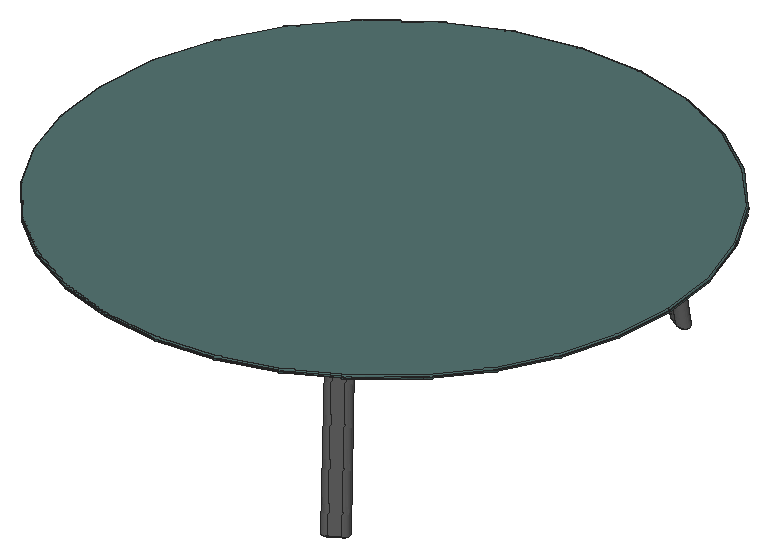
Revit family "Table-Allermuir-SUN201", category Furniture, Revit 2012
Parameters (values of type "SUN 202")
  ecoScorecard_data = ""
  ecoScorecard Product Page = ""
  Width = 39 95/256"
  White Plastic Back Membrane = no
  URL = ""
  Table = Wood - Allermuir - Green Oak
  Subcategory = ""
  Stand = Metal - Allermuir - Flaked Satin - Black
  Stacks = no
  Specifications URL = ""
  Product Page URL = ""
  Product Line = ""
  Pricing URL = ""
  Plugin Data URL = ""
  Model = "SUN 202"  # constant formula
  Manufacturer Toll Free Phone = "(888) 887 5806"  # constant formula
  Manufacturer Phone = "(419) 887 5806"  # constant formula
  Manufacturer Fax = "(419) 887 5805"  # constant formula
  Manufacturer Email = "mailto:contact@allermuir-na.com"
  Manufacturer Address = "1630 Holland Road, Maumee, Ohio 43537 "  # constant formula
  Manufacturer = "Allermuir"  # constant formula
  LEED Stats URL = ""
  Height = 11 7/32"
  Fabric Spec Sheets = ""
  Diameter = 39.37008"
  Description = ""
  Depth = 39 95/256"
  Color Availability = ""
  CAD Blocks URL = ""
  Brochure URL = ""
  Base or Frame [instance] = ""
  Base Type = ""
  Assembly Code = "E2020200"
  95 CSI = "12510"  # constant formula
  04 CSI = "12 51 00"  # constant formula
Reference planes (in)
  plane 1 "Center Front/Back": y = 0
  plane 2: z = 0
  plane 3 "Center Left/Right": x = 0
  plane 4: x = 19.68555
  plane 5: x = -19.68555
  plane 6: y = 19.68555
  plane 7: y = -19.68555
  plane 8: z = 11.21875
Dimensions and locks (in)
  equal spacing: plane 5, plane 3 "Center Left/Right", plane 4
  "Width": plane 5 to plane 4
  equal spacing: plane 6, plane 1 "Center Front/Back", plane 7
  "Depth": plane 6 to plane 7
  "Height": plane 8 to level
  aligned and locked: plane 3 "Center Left/Right" to nested 1
  aligned and locked: plane 1 "Center Front/Back" to nested 1
  aligned and locked: level to plane 2
Nested families (in)
  nested 1: "SUN201" at (0, 0, 0), type "SUN201"
Definition of nested family "SUN201"
  Parameters (values of type "SUN201")
    Width = 39.37008"
    Table = none
    Stand = Metal - Allermuir - Flaked Satin - Black
    Radius = 19.68504"
    Height = 11.22039"
    Diameter = Radius * 2  # 39.37008"
    Depth = 39.29134"
  Reference planes (in)
    plane 1 "Center (Front/Back)": y = 0
    plane 2: z = 0
    plane 3 "Center (Left/Right)": x = 0
    plane 4: y = 19.64567
    plane 5: y = -19.64567
    plane 6: x = -19.68504
    plane 7: x = 19.68504
    plane 8: z = 11.22039
    plane 9: z = 10.23569
  Forms (in)
    Sweep 1, solid, material <- "Table"
      path origin (0, 0, 0) x (1, 0, 0) y (0, 1, 0)
        loop
          circle (0, 0) r 19.68504
      profile origin (0, 19.68504, 0) x (0, -1, 0) y (0, 0, 1)
        loop
          line (1.63497, 10.23569) -> (3.68806, 10.23569) -> (3.68806, 11.22059) -> (0.12449, 11.22059)
          arc (0.12449, 11.22059) -> (0.0643, 11.19566) -> (0.03937, 11.13547) r 0.08512
          line (0.03937, 11.13547) -> (0.03937, 11.05672)
          arc (0.03937, 11.05672) -> (0.04974, 11.02036) -> (0.07774, 10.99496) r 0.0689
          line (0.07774, 10.99496) -> (1.59553, 10.24491)
          arc (1.59553, 10.24491) -> (1.61472, 10.23803) -> (1.63497, 10.23569) r 0.08904
    Extrusion 2, solid, material <- "Table"
      sketch origin (0, 0, 0) x (1, 0, 0) y (0, 1, 0)
        loop
          circle (0, 0) r 15.99698
      from 10.23569 to 11.22059
    Extrusion 3, void
      sketch origin (0, 0, 0) x (1, 0, 0) y (0, 1, 0)
        loop
          line (2.17166, 2.93307) -> (-2.17331, 2.93307)
          arc (-2.17331, 2.93307) -> (-2.73838, 2.69901) -> (-2.97244, 2.13394) r 0.79913
          line (-2.97244, 2.13394) -> (-2.97244, -2.21103)
          arc (-2.97244, -2.21103) -> (-2.7379, -2.77727) -> (-2.17166, -3.01181) r 0.80078
          line (-2.17166, -3.01181) -> (2.17166, -3.01181)
          arc (2.17166, -3.01181) -> (2.7379, -2.77727) -> (2.97244, -2.21103) r 0.80078
          line (2.97244, -2.21103) -> (2.97244, 2.13229)
          arc (2.97244, 2.13229) -> (2.7379, 2.69853) -> (2.17166, 2.93307) r 0.80078
      from 10.0979 to 10.39317
  Cuts and joins
    Extrusion 3 cuts Sweep 1
    Extrusion 3 cuts Extrusion 2
    joined: Sweep 1, Extrusion 2
  Lines and regions (in)
    symbolic lines, style "Table"
      curve 1: circle (0, 0, 0) r 19.68504 normal (0, 0, 1)
  Dimensions and locks (in)
    equal spacing: plane 6, plane 3 "Center (Left/Right)", plane 7
    "Width": plane 6 to plane 7
    equal spacing: plane 4, plane 1 "Center (Front/Back)", plane 5
    "Depth": plane 4 to plane 5
    "Height": plane 8 to level
    locked: plane 8 to plane 9 at 0.9847
    "Radius": radius of Sweep 1 sketch curve
    "Radius": radius of curve 1
    aligned and locked: level to plane 2
    aligned and locked: Sweep 1 to Extrusion 2
  Automatic sketch dimensions
    plane 1 "Center (Front/Back)" to Sweep 1 sketch curve = 0"
    Sweep 1 sketch curve to plane 3 "Center (Left/Right)" = 0"
    plane 1 "Center (Front/Back)" to Extrusion 2 sketch curve = 0"
    Extrusion 2 sketch curve to plane 3 "Center (Left/Right)" = 0"
    Extrusion 3 sketch curve to plane 3 "Center (Left/Right)" = 2.97244"
    Extrusion 3 sketch curve to Extrusion 3 sketch curve = 0.79913"
    Extrusion 3 sketch curve to Extrusion 3 sketch curve = 205/256"  (x2)
    plane 3 "Center (Left/Right)" to Extrusion 3 sketch curve = 2.17166"  (x2)
    plane 1 "Center (Front/Back)" to Extrusion 3 sketch curve = 3.01181"
    Extrusion 3 sketch curve to plane 1 "Center (Front/Back)" = 2.13229"
    plane 1 "Center (Front/Back)" to curve 1 = 0"
    curve 1 to plane 3 "Center (Left/Right)" = 0"
    Sweep 1 sketch curve to profile plane = 0.03937"
    Sweep 1 sketch curve to Sweep 1 sketch curve = 0.03837"
    Sweep 1 sketch curve to Sweep 1 sketch curve = 0.03052"
    Sweep 1 sketch curve to Sweep 1 sketch curve = 0.01622"
    Sweep 1 sketch curve to profile plane = 1.59553"
    Sweep 1 sketch curve to Sweep 1 sketch curve = 0.03945"
    Sweep 1 sketch curve to Sweep 1 sketch curve = 2.05309"
    level to Sweep 1 sketch curve = 10.23569"
    Sweep 1 sketch curve to Sweep 1 sketch curve = 0.00922"
    Sweep 1 sketch curve to Sweep 1 sketch curve = 0.75005"
    Sweep 1 sketch curve to Sweep 1 sketch curve = 0.07875"
    radius of Extrusion 2 sketch curve = 15.99698"
  Nested families (in)
    nested 1: "Leg_Sun201" at (0.00603, -0.05239, 0) x (-0.5, -0.866, 0) z (0, 0, 1), type "Leg_Sun201"
    nested 2: "Leg_Sun201" at (0.01668, -0.01998, 0) x (-0.5, 0.866, 0) z (0, 0, 1), type "Leg_Sun201"
    nested 3: "Leg_Sun201" at (0.00521, -0.03906, 0), type "Leg_Sun201"
  Definition of nested family "Leg_Sun201"
    Parameters (values of type "Leg_Sun201")
      Leg = none
    Reference planes (in)
      plane 1 "Center (Front/Back)": y = 0
      plane 2: z = 0
      plane 3 "Center (Left/Right)": x = 0
      plane 4: y = 0.78881
      plane 5: y = -0.78881
    Forms (in)
      Sweep 1, solid, material <- "Leg"
        path origin (0, 0, 0) x (1, 0, 0) y (0, 0, 1)
          loop
            line (0, 10.17916) -> (-16.18503, 10.17916) -> (-17.61562, 0)
        profile origin (-8.09252, 0, 10.17916) x (0, 0, -1) y (0, -1, 0)
          loop
            line (0.81123, -0.38182) -> (0.81123, 0.39174)
            arc (0.81123, 0.39174) -> (0.40425, 0.79872) -> (-0.00274, 0.39174) r 0.40699
            line (-0.00274, 0.39174) -> (-0.00274, -0.38182)
            arc (-0.00274, -0.38182) -> (0.40425, -0.78881) -> (0.81123, -0.38182) r 0.40699
      Extrusion 2, void
        sketch origin (0, 0, 0) x (1, 0, 0) y (0, 0, 1)
          loop
            line (-17.75444, -0.19625) -> (-16.73251, -0.19625) -> (-16.73251, 0.22545)
            arc (-16.73251, 0.22545) -> (-17.14785, 0.06609) -> (-17.5925, 0.08011) r 1.12556
            arc (-17.5925, 0.08011) -> (-17.60804, 0.09095) -> (-17.61188, 0.10951) r 0.02563
            line (-17.61188, 0.10951) -> (-17.59992, 0.17733) -> (-17.75444, 0.17733) -> (-17.75444, -0.19625)
        from -1.45492 to 1.18992
      Extrusion 3, solid, material <- "Leg"
        sketch origin (0, 0, 0) x (1, 0, 0) y (0, 0, 1)
          loop
            arc (-17.55556, 0.02543) -> (-17.18653, 0.00778) -> (-16.83666, 0.12646) r 0.99145
            line (-16.83666, 0.12646) -> (-16.85336, 0.15881)
            arc (-16.85336, 0.15881) -> (-17.19274, 0.05944) -> (-17.5462, 0.07027) r 1.12556
            line (-17.5462, 0.07027) -> (-17.55556, 0.02543)
        from -0.86984 to 0.9441
      Extrusion 4, void
        sketch origin (0, 0, 0) x (1, 0, 0) y (0, 1, 0)
          loop
            arc (-17.5462, 0.42752) -> (-17.46244, 0.59798) -> (-17.30996, 0.71121) r 0.40334
            arc (-17.30996, 0.71121) -> (-17.19611, 0.73435) -> (-17.08226, 0.71121) r 0.29164
            arc (-17.08226, 0.71121) -> (-16.92978, 0.59798) -> (-16.84602, 0.42752) r 0.40334
            line (-16.84602, 0.42752) -> (-16.66478, 0.42752) -> (-16.66478, 0.98123) -> (-17.69101, 0.98123) -> (-17.69101, 0.42752) -> (-17.5462, 0.42752)
        from -0.03615 to 0.24909
      Extrusion 5, void
        sketch origin (0, 0, 0) x (1, 0, 0) y (0, 1, 0)
          loop
            line (-17.5462, -0.42752) -> (-17.69101, -0.42752) -> (-17.69101, -0.98123) -> (-16.66478, -0.98123) -> (-16.66478, -0.42752) -> (-16.84602, -0.42752)
            arc (-16.84602, -0.42752) -> (-16.92978, -0.59798) -> (-17.08226, -0.71121) r 0.40334
            arc (-17.08226, -0.71121) -> (-17.19611, -0.73435) -> (-17.30996, -0.71121) r 0.29164
            arc (-17.30996, -0.71121) -> (-17.46244, -0.59798) -> (-17.5462, -0.42752) r 0.40334
        from -0.03615 to 0.24909
    Cuts and joins
      Extrusion 2 cuts Sweep 1
      Extrusion 4, Extrusion 5 cuts Extrusion 3
    Dimensions and locks (in)
      aligned and locked: level to plane 2
